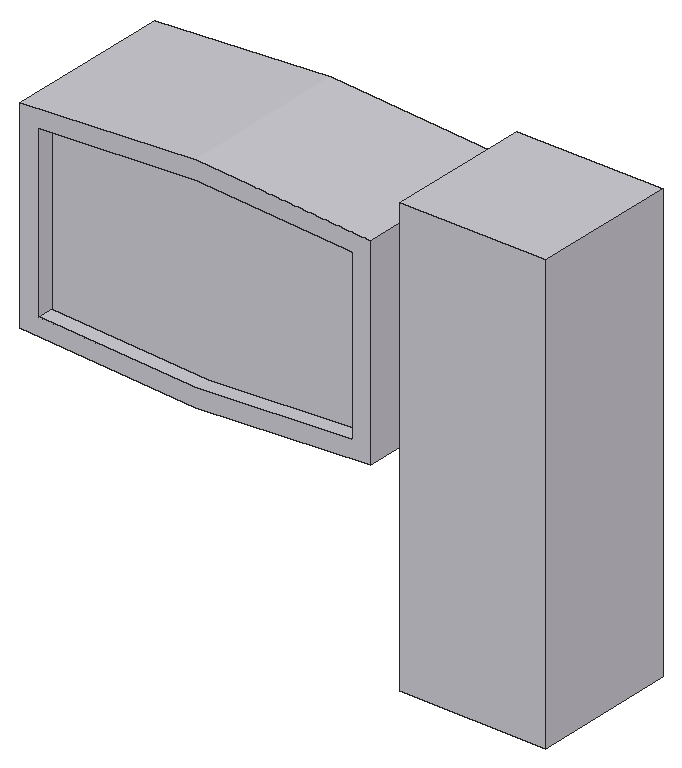
Revit family "Lighting-Track-Amerlux-Murro_HP Vertical_Wallwash", category Lighting Fixtures, host Face, Revit 2015
Parameters
  Width = 0' - 2 5/16"
  Wattage = 9.2903 W
  built-in parameter 1150110 = 1 (stored number, unit not read)
  built-in parameter 1114217 = 1 (stored number, unit not read)
  Tilt Angle = 90.00°
  built-in parameter 1150109 = 1 (stored number, unit not read)
  built-in parameter 1150134 = 3
  built-in parameter 1150113 = 1 (stored number, unit not read)
  Photometric Web File = "generic"
  built-in parameter 1150142 = (empty or 0)
  built-in parameter 1150105 = 109.82 (stored number, unit not read)
  Lumens = 1380 lm
  built-in parameter 1150115 = 1 (stored number, unit not read)
  built-in parameter 1150137 = (empty or 0)
  built-in parameter 1150139 = (empty or 0)
  built-in parameter 1150112 = 1 (stored number, unit not read)
  built-in parameter 1150114 = 1 (stored number, unit not read)
  built-in parameter 1150132 = (empty or 0)
  built-in parameter 1150102 = (empty or 0)
  built-in parameter 1150107 = 3200 (stored number, unit not read)
  built-in parameter 1150138 = (empty or 0)
  built-in parameter 1150106 = 1.0982 (stored number, unit not read)
  Voltage = 0 V
  URL = "http://www.amerlux.com"
  Trim [instance] = yes
  Power Factor = 1
  Number of Poles = 1
  Model = "MURRO"
  Manufacturer = "Amerlux"
  Lamp = "LED"
  Fixture Finish = White
  Emit from Rectangle Width = 0' - 2 1/2"  # constant formula
  Emit from Rectangle Length = 0' - 4"  # constant formula
  Emit Shape Visible in Rendering = no
  built-in parameter 1150104 = 13.8 (stored number, unit not read)
  Dimming Lamp Color Temperature Shift = <None>
  Description = "Track LED"
  Default Elevation = 4' - 0"
  Color Filter = 16777215
  built-in parameter 1114218 = 1 (stored number, unit not read)
  built-in parameter 1150133 = 10 (stored number, unit not read)
  Apparent Load = 0 VA
Reference planes (in)
  plane 1 "Center (Front/Back)": y = 0
  plane 2: z = 0
  plane 3 "Center (Left/Right)": x = 0
  plane 4: z = -4.75
  plane 5: x = -1
  plane 6: x = 1
  plane 7: z = 26.3856
  plane 8: y = 1
  plane 9: y = -1
  plane 10: z = 6
  plane 11: y = -1.6582
  plane 12: y = -6.4707
  plane 13: z = 5.70615
  plane 14: z = 2.64365
Forms (in)
  Extrusion 1, solid, material "White Finish"
    sketch origin (-0.00041, 0, 0) x (1, 0, 0) y (0, 0, 1)
      loop
        line (1, 6) -> (-1, 6) -> (-1, 0) -> (1, 0) -> (1, 6)
    from -1 to 1
  Extrusion 2, solid, material "White Finish"
    sketch origin (0.43709, 0, 0) x (1, 0, 0) y (0, 0, 1)
      loop
        line (-1.6582, 2.7999) -> (-1.6582, 5.5599)
        arc (-1.6582, 5.5599) -> (-4.06445, 5.70615) -> (-6.4707, 5.5599) r 19.86783
        line (-6.4707, 5.5599) -> (-6.4707, 2.7999)
        arc (-6.4707, 2.7999) -> (-4.06445, 2.65365) -> (-1.6582, 2.7999) r 19.86783
    from -1.09045 to 1.22205
  Extrusion 3, solid, material "White Finish"
    sketch origin (-0.00041, 0, 0) x (1, 0, 0) y (0, 0, 1)
      loop
        line (-0.90607, 4.5713) -> (-1.2764, 4.5713) -> (-1.2764, 3.8213) -> (-0.90607, 3.8213) -> (-0.90607, 4.5713)
    from -0.20393 to 0.19949
  Extrusion 4, void
    sketch origin (-0.00041, 0, 0) x (1, 0, 0) y (0, 0, 1)
      loop
        arc (-1.4707, 5.33729) -> (-3.62695, 5.45615) -> (-5.7832, 5.33729) r 19.61783
        line (-5.7832, 5.33729) -> (-5.7832, 3.02251)
        arc (-5.7832, 3.02251) -> (-3.62695, 2.90365) -> (-1.4707, 3.02251) r 19.61783
        line (-1.4707, 3.02251) -> (-1.4707, 5.33729)
    from 1 to 1.22205
Cuts and joins
  Extrusion 4 cuts Extrusion 2
Dimensions and locks (in)
  equal spacing: plane 5, plane 3 "Center (Left/Right)", plane 6
  plane 5 to plane 6 = 0' - 2"
  Extrusion 1 to host face = 0' - 6"
  aligned and locked: plane 2 to host face
  aligned and locked: level to host face
  aligned and locked: imposter light to cut or joined group of Extrusion 2, Extrusion 4
Automatic sketch dimensions
  host sketch curve to host sketch curve = 2' - 6.49556"
  host sketch curve to host sketch curve = 2' - 7.77944"
  Extrusion 1 sketch curve to plane 10 = 0' - 0"
  Extrusion 1 sketch curve to level = 0' - 0"
  plane 6 to Extrusion 1 sketch curve = 0' - 2.00041"
  Extrusion 1 sketch curve to Extrusion 1 sketch curve = 0' - 2"
  Extrusion 2 sketch curve to plane 13 = 0' - 0.14625"  (x2)
  plane 5 to Extrusion 2 sketch curve = 0' - 5.03361"
  plane 5 to Extrusion 2 sketch curve = 0' - 2.62736"  (x2)
  plane 14 to Extrusion 2 sketch curve = 0' - 0 5/32"
  Extrusion 2 sketch curve to plane 4 = 0' - 9.41168"
  Extrusion 2 sketch curve to plane 7 = 0' - 3.86413"
  plane 6 to Extrusion 3 sketch curve = 0' - 2.27681"
  Extrusion 3 sketch curve to Extrusion 3 sketch curve = 0' - 0.37033"
  plane 14 to Extrusion 3 sketch curve = 0' - 1.17765"
  Extrusion 3 sketch curve to Extrusion 3 sketch curve = 0' - 0 3/4"
  plane 14 to Extrusion 4 sketch curve = 0' - 0.37886"
  plane 5 to Extrusion 4 sketch curve = 0' - 4.78361"
  plane 5 to Extrusion 4 sketch curve = 0' - 2.62736"  (x2)
  plane 6 to Extrusion 4 sketch curve = 0' - 2.47111"
  Extrusion 4 sketch curve to plane 4 = 0' - 9.41168"
  Extrusion 4 sketch curve to plane 13 = 0' - 0.36886"
  Extrusion 4 sketch curve to plane 7 = 0' - 3.86413"
Connectors (in)
  electrical at (-0.00041, 0, 0), driven by "Number of Poles", driven by "Voltage", driven by "Apparent Load", driven by "Power Factor"
    settings: on Extrusion 1, index 1, voltage 0 V, apparent load 0 VA, apparent load phase1 0 VA, apparent load phase2 0 VA, apparent load phase3 0 VA, power factor 1, load classification "Other", number of poles 1, system type 31, power factor state 1, is connector primary yes, connector utility no, sub classification motor no, connector description ""
